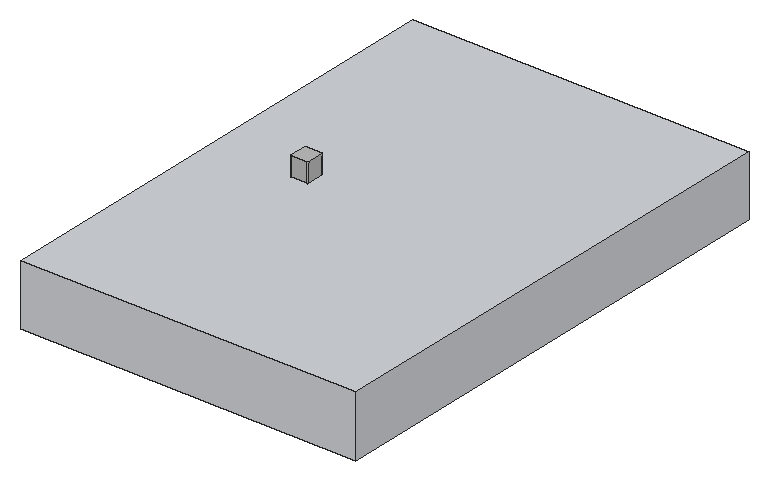
Revit family "Boitiers pour montages prises CEI", category Installations électriques, Revit 2018
Family settings
  Hôte = Face
  Conserver l'orientation des annotations = Non
  Cote de connecteur circulaire = Utiliser le diamètre
  Type d'élément = Normal
  Couper avec des vides une fois chargée = Non
  Partagée = Oui
  Point de calcul de pièce = Non
Parameters (values of type "Prise de montage 16A ou 32A avec sortie inclinée")
  sans halogène = yes
  résistance aux chocs IK = "08"
  profondeur mm = 97 mm
  matériau du boitier = "plastique"
  largeur mm = 87 mm
  installation Encastrée E ou Saillie S = ""
  hauteur mm = 97 mm
  entraxe de fixation vertical mm = 84.5 mm
  entraxe de fixation horizontal mm = 74.5 mm
  classe de protection IP = ""
  Température minimum d'utilisation = "-25°C"
  Température maximum d'utilisation = "40°C"
  Modèle = "LG-057750"
  Intensité A = 16 A
  IDS_MONTAGE_PRISE_VERROUILLEE = no
  Famille produit = "0852-P17"
  Fabricant = "Legrand"
  Elévation par défaut = 1000 mm
  Diamètre entrée de câble = "PG16/PG21"
  Description = "Boitier pour le montage de prises au standard international saillie"
  Couleur caractéristique = ""
Reference planes
  plane 1 "Centre (avant/arrière)": y = 0
  plane 2: z = 0
  plane 3 "Centre (gauche/droite)": x = 0
  plane 4: x = -43.5
  plane 5: x = 43.5
  plane 6: y = 48.5
  plane 7: y = -48.5
  plane 8: z = 95
  plane 9: z = 97
  plane 10: y = 46
  plane 11: y = -46
  plane 12: y = 51
Forms (mm)
  Extrusion 1, solid
    sketch origin (0, 0, 0) x (1, 0, 0) y (0, 1, 0)
      loop
        line (-447.5, 1219.2) -> (-447.5, -1219.2) -> (1219.2, -1219.2) -> (1219.2, 1219.2) -> (-447.5, 1219.2)
    from 0 to -304.8
  Extrusion 2, solid, material "Legrand - Plastique gris"
    sketch origin (0, 0, 0) x (1, 0, 0) y (0, 1, 0)
      loop
        arc (-38.5, 46) -> (-42.036, 44.536) -> (-43.5, 41) r 5
        line (-43.5, 41) -> (-43.5, -41)
        arc (-43.5, -41) -> (-42.036, -44.536) -> (-38.5, -46) r 5
        line (-38.5, -46) -> (38.5, -46)
        arc (38.5, -46) -> (42.036, -44.536) -> (43.5, -41) r 5
        line (43.5, -41) -> (43.5, 41)
        arc (43.5, 41) -> (42.036, 44.536) -> (38.5, 46) r 5
        line (38.5, 46) -> (-38.5, 46)
    from 0 to 95
  Sweep 3, solid, material "Legrand - Plastique gris", visible <- "IDS_MONTAGE_PRISE_VERROUILLEE"
    path origin (0, 0, 0) x (1, 0, 0) y (0, 0, 1)
      loop
        line (-30, 0) -> (-30, 35)
        arc (-30, 35) -> (0, 65) -> (30, 35) r 30
        line (30, 35) -> (30, 0)
    profile origin (-30, 0, 17.5) x (-1, 0, 0) y (0, -1, 0)
      loop
        arc (-5, -57.5) -> (-3.536, -53.964) -> (0, -52.5) r 5
        line (0, -52.5) -> (-15, -52.5) -> (-15, -57.5) -> (-5, -57.5)
  Extrusion 4, solid, material "Legrand - Plastique gris", visible <- "IDS_MONTAGE_PRISE_VERROUILLEE"
    sketch origin (0, 0, 0) x (1, 0, 0) y (0, 0, 1)
      loop
        line (15, 0) -> (15, 35)
        arc (15, 35) -> (0, 50) -> (-15, 35) r 15
        line (-15, 35) -> (-15, 0) -> (15, 0)
    from -51 to -46
Cuts and joins
  joined: Sweep 3, Extrusion 4
Dimensions and locks
  equal spacing: plane 4, plane 3 "Centre (gauche/droite)", plane 5
  plane 4 to plane 5 = 87 mm
  equal spacing: plane 6, plane 1 "Centre (avant/arrière)", plane 7
  plane 6 to plane 7 = 97 mm
  plane 9 to plane 2 = 97 mm
  locked: plane 6 to plane 10 at 2.5
  locked: plane 11 to plane 7 at 2.5
  locked: plane 12 to plane 10 at 5
  aligned and locked: plane 2 to Extrusion 1
  aligned and locked: level to Extrusion 1
  aligned and locked: plane 8 to Extrusion 2
  aligned and locked: plane 12 to Extrusion 4
  aligned and locked: Extrusion 4 to plane 10
Automatic sketch dimensions
  Extrusion 1 sketch curve to Extrusion 1 sketch curve = 1666.7 mm
  Extrusion 1 sketch curve to Extrusion 1 sketch curve = 2438.4 mm
  Extrusion 2 sketch curve to plane 4 = 0 mm
  Extrusion 2 sketch curve to plane 11 = 0 mm
  Extrusion 2 sketch curve to plane 10 = 0 mm
  Extrusion 2 sketch curve to plane 5 = 0 mm
  plane 4 to Extrusion 2 sketch curve = 5 mm
  Extrusion 2 sketch curve to Extrusion 2 sketch curve = 5 mm
  Extrusion 2 sketch curve to plane 5 = 5 mm  (x2)
  Sweep 3 sketch curve to level = 0 mm  (x2)
  Sweep 3 sketch curve to plane 3 "Centre (gauche/droite)" = 0 mm
  level to Sweep 3 sketch curve = 35 mm
  Sweep 3 sketch curve to plane 3 "Centre (gauche/droite)" = 30 mm
  Sweep 3 sketch curve to profile plane = 0 mm  (x2)
  Sweep 3 sketch curve to Sweep 3 sketch curve = 10 mm
  Sweep 3 sketch curve to plane 1 "Centre (avant/arrière)" = 57.5 mm
  Sweep 3 sketch curve to Sweep 3 sketch curve = 5 mm
  Extrusion 4 sketch curve to plane 3 "Centre (gauche/droite)" = 0 mm
  Extrusion 4 sketch curve to plane 3 "Centre (gauche/droite)" = 15 mm
  level to Extrusion 4 sketch curve = 35 mm
  Extrusion 4 sketch curve to level = 0 mm
